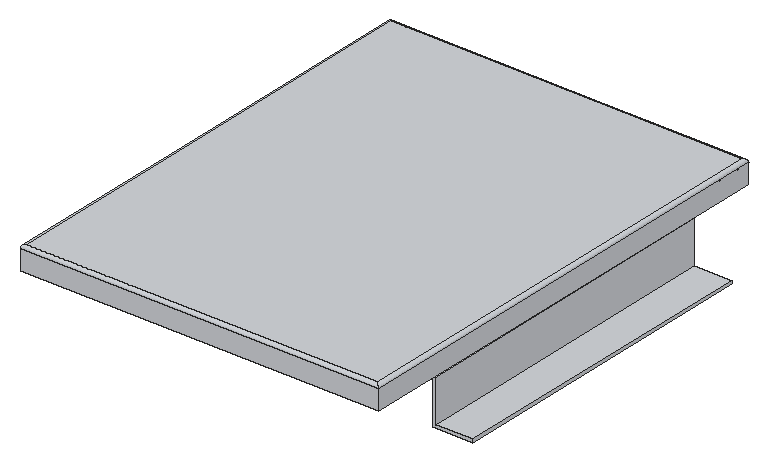
Revit family "Table-K_Series-KTI07", category Furniture, Revit 2017
Family settings
  OmniClass Number = 23.40.20.00
  OmniClass Title = General Furniture and Specialties
  Work Plane-Based = No
  Always vertical = Yes
  Cut with Voids When Loaded = No
  Shared = No
  Room Calculation Point = No
Parameters (values of type "Intervening Table")
  Width = 15.50"  # constant formula
  URL = "https://www.la-z-boy.com/"
  Product Documentation Link = "URL"
  Model = "KTI07"
  Manufacturer = "LaZBoy"
  Height = 15.00"  # constant formula
  Description = "Intervening Ganging Table"
  Depth = 20.00"  # constant formula
  Copyright © = "Inc"
  Table Top Material [instance] = none
  Assembly Code = "E2020200"
Reference planes (in)
  plane 1 "Center (Front/Back)": y = 0
  plane 2: z = 0
  plane 3 "Center (Left/Right)": x = 0
  plane 4: y = -10
  plane 5: x = 7.75
  plane 6: x = -7.75
  plane 7: y = 10
  plane 8: z = 15
  plane 9: z = 14
Forms (in)
  Extrusion 1, solid, material <- "Table Top Material"
    sketch origin (0, 0, 0) x (1, 0, 0) y (0, 1, 0)
      loop
        line (-7.75, 10) -> (-7.75, -10) -> (7.75, -10) -> (7.75, 10) -> (-7.75, 10)
    from 14 to 15
  Sweep 2, void
    path in 3D
      loop
        line (7.75, 10, 15) -> (-7.75, 10, 15) -> (-7.75, -10, 15) -> (7.75, -10, 15) -> (7.75, 10, 15)
    profile origin (7.75, 0, 15) x (-1, 0, 0) y (0, 0, 1)
      loop
        line (0.15, 0) -> (0, 0) -> (0, -0.15)
        arc (0, -0.15) -> (0.04393, -0.04393) -> (0.15, 0) r 0.15
  Extrusion 3, solid
    sketch origin (0, 0, 0) x (1, 0, 0) y (0, 0, 1)
      loop
        line (7.8125, 14) -> (5.9685, 14) -> (5.9685, 13.875) -> (7.6875, 13.875) -> (7.6875, 12.0586) -> (9.4375, 12.0586) -> (9.4375, 12.1836) -> (7.8125, 12.1836) -> (7.8125, 14)
      loop
        line (-7.8125, 14) -> (-7.8125, 12.1836) -> (-9.4375, 12.1836) -> (-9.4375, 12.0586) -> (-7.6875, 12.0586) -> (-7.6875, 13.875) -> (-5.9685, 13.875) -> (-5.9685, 14) -> (-7.8125, 14)
    from -7 to 7
Cuts and joins
  Sweep 2 cuts Extrusion 1
Lines and regions (in)
  Masking region 1
    outline origin (0, 0, 0) x (1, 0, 0) y (0, 1, 0)
      loop
        arc (-7.55, 10) -> (-7.69142, 9.94142) -> (-7.75, 9.8) r 0.2
        line (-7.75, 9.8) -> (-7.75, 7) -> (-9.4375, 7) -> (-9.4375, -7) -> (-7.75, -7) -> (-7.75, -9.8)
        arc (-7.75, -9.8) -> (-7.69142, -9.94142) -> (-7.55, -10) r 0.2
        line (-7.55, -10) -> (7.55, -10)
        arc (7.55, -10) -> (7.69142, -9.94142) -> (7.75, -9.8) r 0.2
        line (7.75, -9.8) -> (7.75, -7) -> (9.4375, -7) -> (9.4375, 7) -> (7.75, 7) -> (7.75, 9.8)
        arc (7.75, 9.8) -> (7.69142, 9.94142) -> (7.55, 10) r 0.2
        line (7.55, 10) -> (-7.55, 10)
      loop
        spline (-8.7655, 4.63846) -> (-8.76071, 4.60211) -> (-8.74668, 4.56823) -> (-8.72435, 4.53913) -> (-8.69525, 4.51681) -> (-8.66136, 4.50278) -> (-8.625, 4.49799) -> (-8.58864, 4.50278) -> (-8.55475, 4.51681) -> (-8.52565, 4.53913) -> (-8.50332, 4.56823) -> (-8.48929, 4.60211) -> (-8.4845, 4.63846)
        line (-8.4845, 4.63846) -> (-8.4845, 5.35732)
        spline (-8.4845, 5.35732) -> (-8.48929, 5.39367) -> (-8.50332, 5.42755) -> (-8.52565, 5.45664) -> (-8.55475, 5.47897) -> (-8.58864, 5.493) -> (-8.625, 5.49779) -> (-8.66136, 5.493) -> (-8.69525, 5.47897) -> (-8.72435, 5.45664) -> (-8.74668, 5.42755) -> (-8.76071, 5.39367) -> (-8.7655, 5.35732)
        line (-8.7655, 5.35732) -> (-8.7655, 4.63846)
      loop
        spline (-8.7655, 2.13897) -> (-8.76071, 2.10261) -> (-8.74668, 2.06873) -> (-8.72435, 2.03964) -> (-8.69525, 2.01732) -> (-8.66136, 2.00328) -> (-8.625, 1.9985) -> (-8.58864, 2.00328) -> (-8.55475, 2.01732) -> (-8.52565, 2.03964) -> (-8.50332, 2.06873) -> (-8.48929, 2.10261) -> (-8.4845, 2.13897)
        line (-8.4845, 2.13897) -> (-8.4845, 2.85782)
        spline (-8.4845, 2.85782) -> (-8.48929, 2.89418) -> (-8.50332, 2.92806) -> (-8.52565, 2.95715) -> (-8.55475, 2.97948) -> (-8.58864, 2.99351) -> (-8.625, 2.99829) -> (-8.66136, 2.99351) -> (-8.69525, 2.97948) -> (-8.72435, 2.95715) -> (-8.74668, 2.92806) -> (-8.76071, 2.89418) -> (-8.7655, 2.85782)
        line (-8.7655, 2.85782) -> (-8.7655, 2.13897)
      loop
        spline (-8.7655, -2.86002) -> (-8.76071, -2.89637) -> (-8.74668, -2.93025) -> (-8.72435, -2.95935) -> (-8.69525, -2.98167) -> (-8.66136, -2.9957) -> (-8.625, -3.00049) -> (-8.58864, -2.9957) -> (-8.55475, -2.98167) -> (-8.52565, -2.95935) -> (-8.50332, -2.93025) -> (-8.48929, -2.89637) -> (-8.4845, -2.86002)
        line (-8.4845, -2.86002) -> (-8.4845, -2.14116)
        spline (-8.4845, -2.14116) -> (-8.48929, -2.10481) -> (-8.50332, -2.07093) -> (-8.52565, -2.04184) -> (-8.55475, -2.01951) -> (-8.58864, -2.00548) -> (-8.625, -2.00069) -> (-8.66136, -2.00548) -> (-8.69525, -2.01951) -> (-8.72435, -2.04184) -> (-8.74668, -2.07093) -> (-8.76071, -2.10481) -> (-8.7655, -2.14116)
        line (-8.7655, -2.14116) -> (-8.7655, -2.86002)
      loop
        spline (-8.766, -5.35951) -> (-8.76121, -5.39587) -> (-8.74718, -5.42975) -> (-8.72485, -5.45884) -> (-8.69575, -5.48116) -> (-8.66186, -5.4952) -> (-8.6255, -5.49998) -> (-8.58914, -5.4952) -> (-8.55525, -5.48116) -> (-8.52615, -5.45884) -> (-8.50382, -5.42975) -> (-8.48979, -5.39587) -> (-8.485, -5.35951)
        line (-8.485, -5.35951) -> (-8.485, -4.64066)
        spline (-8.485, -4.64066) -> (-8.48979, -4.6043) -> (-8.50382, -4.57042) -> (-8.52615, -4.54133) -> (-8.55525, -4.519) -> (-8.58914, -4.50497) -> (-8.6255, -4.50019) -> (-8.66186, -4.50497) -> (-8.69575, -4.519) -> (-8.72485, -4.54133) -> (-8.74718, -4.57042) -> (-8.76121, -4.6043) -> (-8.766, -4.64066)
        line (-8.766, -4.64066) -> (-8.766, -5.35951)
      loop
        line (8.7655, 4.63846) -> (8.7655, 5.35732)
        spline (8.7655, 5.35732) -> (8.76071, 5.39367) -> (8.74668, 5.42755) -> (8.72435, 5.45664) -> (8.69525, 5.47897) -> (8.66136, 5.493) -> (8.625, 5.49779) -> (8.58864, 5.493) -> (8.55475, 5.47897) -> (8.52565, 5.45664) -> (8.50332, 5.42755) -> (8.48929, 5.39367) -> (8.4845, 5.35732)
        line (8.4845, 5.35732) -> (8.4845, 4.63846)
        spline (8.4845, 4.63846) -> (8.48929, 4.60211) -> (8.50332, 4.56823) -> (8.52565, 4.53913) -> (8.55475, 4.51681) -> (8.58864, 4.50278) -> (8.625, 4.49799) -> (8.66136, 4.50278) -> (8.69525, 4.51681) -> (8.72435, 4.53913) -> (8.74668, 4.56823) -> (8.76071, 4.60211) -> (8.7655, 4.63846)
      loop
        line (8.7655, 2.13897) -> (8.7655, 2.85782)
        spline (8.7655, 2.85782) -> (8.76071, 2.89418) -> (8.74668, 2.92806) -> (8.72435, 2.95715) -> (8.69525, 2.97948) -> (8.66136, 2.99351) -> (8.625, 2.99829) -> (8.58864, 2.99351) -> (8.55475, 2.97948) -> (8.52565, 2.95715) -> (8.50332, 2.92806) -> (8.48929, 2.89418) -> (8.4845, 2.85782)
        line (8.4845, 2.85782) -> (8.4845, 2.13897)
        spline (8.4845, 2.13897) -> (8.48929, 2.10261) -> (8.50332, 2.06873) -> (8.52565, 2.03964) -> (8.55475, 2.01732) -> (8.58864, 2.00328) -> (8.625, 1.9985) -> (8.66136, 2.00328) -> (8.69525, 2.01732) -> (8.72435, 2.03964) -> (8.74668, 2.06873) -> (8.76071, 2.10261) -> (8.7655, 2.13897)
      loop
        line (8.7655, -2.86002) -> (8.7655, -2.14116)
        spline (8.7655, -2.14116) -> (8.76071, -2.10481) -> (8.74668, -2.07093) -> (8.72435, -2.04184) -> (8.69525, -2.01951) -> (8.66136, -2.00548) -> (8.625, -2.00069) -> (8.58864, -2.00548) -> (8.55475, -2.01951) -> (8.52565, -2.04184) -> (8.50332, -2.07093) -> (8.48929, -2.10481) -> (8.4845, -2.14116)
        line (8.4845, -2.14116) -> (8.4845, -2.86002)
        spline (8.4845, -2.86002) -> (8.48929, -2.89637) -> (8.50332, -2.93025) -> (8.52565, -2.95935) -> (8.55475, -2.98167) -> (8.58864, -2.9957) -> (8.625, -3.00049) -> (8.66136, -2.9957) -> (8.69525, -2.98167) -> (8.72435, -2.95935) -> (8.74668, -2.93025) -> (8.76071, -2.89637) -> (8.7655, -2.86002)
      loop
        line (8.766, -5.35951) -> (8.766, -4.64066)
        spline (8.766, -4.64066) -> (8.76121, -4.6043) -> (8.74718, -4.57042) -> (8.72485, -4.54133) -> (8.69575, -4.519) -> (8.66186, -4.50497) -> (8.6255, -4.50019) -> (8.58914, -4.50497) -> (8.55525, -4.519) -> (8.52615, -4.54133) -> (8.50382, -4.57042) -> (8.48979, -4.6043) -> (8.485, -4.64066)
        line (8.485, -4.64066) -> (8.485, -5.35951)
        spline (8.485, -5.35951) -> (8.48979, -5.39587) -> (8.50382, -5.42975) -> (8.52615, -5.45884) -> (8.55525, -5.48116) -> (8.58914, -5.4952) -> (8.6255, -5.49998) -> (8.66186, -5.4952) -> (8.69575, -5.48116) -> (8.72485, -5.45884) -> (8.74718, -5.42975) -> (8.76121, -5.39587) -> (8.766, -5.35951)
  sketch lines
    curve 1: line (7.75, -10, 15) -> (7.75, 10, 15)
    curve 2: line (7.75, 10, 15) -> (-7.75, 10, 15)
    curve 3: line (-7.75, 10, 15) -> (-7.75, -10, 15)
    curve 4: line (-7.75, -10, 15) -> (7.75, -10, 15)
  symbolic lines, detail levels medium+fine
    curve 5: line (-7.75, 7, 0) -> (-7.75, -7, 0)
    curve 6: line (7.75, 7, 0) -> (7.75, -7, 0)
Dimensions and locks (in)
  equal spacing: plane 6, plane 3 "Center (Left/Right)", plane 5
  "Width": plane 6 to plane 5
  equal spacing: plane 7, plane 1 "Center (Front/Back)", plane 4
  "Depth": plane 4 to plane 7
  "Height": plane 8 to plane 2
  locked: plane 8 to plane 9 at 1
  equal spacing: Extrusion 3, plane 1 "Center (Front/Back)", Extrusion 3, locked at 7 each
  aligned and locked: level to plane 2
  aligned and locked: plane 3 "Center (Left/Right)" to nested 1
  aligned and locked: plane 1 "Center (Front/Back)" to nested 1
  aligned and locked: plane 5 to Extrusion 1 sketch curve
  aligned and locked: plane 6 to Extrusion 1 sketch curve
  aligned and locked: Extrusion 1 sketch curve to plane 7
  aligned and locked: Extrusion 1 sketch curve to plane 4
  aligned and locked: Extrusion 1 to plane 8
  aligned and locked: plane 9 to Extrusion 1
  aligned and locked: profile plane to Sweep 2 sketch curve  (x2)
  aligned and locked: Masking region 1 sketch curve to cut or joined group of Extrusion 1, Sweep 2  (x4)
  aligned and locked: curve 5 to plane 6
  aligned and locked: plane 5 to curve 6
Automatic sketch dimensions
  curve 5 to plane 4 = 3.00"
  curve 6 to plane 4 = 3.00"
  curve 6 to plane 7 = 3.00"
  curve 5 to plane 7 = 3.00"
  Sweep 2 sketch curve to profile plane = 0.00"  (x2)
  Sweep 2 sketch curve to profile plane = 0.15"
  Sweep 2 sketch curve to Sweep 2 sketch curve = 0.00"  (x2)
  Masking region 1 sketch curve to plane 6 = 0.00"
  Masking region 1 sketch curve to plane 5 = 0.00"
  Masking region 1 sketch curve to plane 6 = 0.7345"  (x3)
  Masking region 1 sketch curve to plane 6 = 0.735"
  Masking region 1 sketch curve to Masking region 1 sketch curve = 0.281"  (x8)
  Masking region 1 sketch curve to plane 6 = 1.6875"
  Masking region 1 sketch curve to Masking region 1 sketch curve = 0.20"  (x2)
  Masking region 1 sketch curve to plane 4 = 0.20"
  plane 5 to Masking region 1 sketch curve = 0.20"
  Masking region 1 sketch curve to plane 5 = 0.7345"  (x3)
  Masking region 1 sketch curve to plane 5 = 0.735"
  Masking region 1 sketch curve to Masking region 1 sketch curve = 1.6875"
  Masking region 1 sketch curve to plane 4 = 3.00"
  Masking region 1 sketch curve to Masking region 1 sketch curve = 2.80"
  Masking region 1 sketch curve to Masking region 1 sketch curve = 1.64049"  (x2)
  Masking region 1 sketch curve to Masking region 1 sketch curve = 0.71885"  (x8)
  Masking region 1 sketch curve to Masking region 1 sketch curve = 1.78064"  (x4)
  Masking region 1 sketch curve to plane 1 "Center (Front/Back)" = 2.13897"  (x2)
  Masking region 1 sketch curve to Masking region 1 sketch curve = 1.64268"  (x2)
  Extrusion 3 sketch curve to plane 9 = 0.00"  (x2)
  Extrusion 3 sketch curve to plane 6 = 1.6875"
  Extrusion 3 sketch curve to plane 6 = 0.0625"
  plane 6 to Extrusion 3 sketch curve = 0.0625"
  plane 9 to Extrusion 3 sketch curve = 0.125"  (x2)
  Extrusion 3 sketch curve to Extrusion 3 sketch curve = 1.719"
  plane 5 to Extrusion 3 sketch curve = 1.7815"
  plane 5 to Extrusion 3 sketch curve = 0.0625"
  Extrusion 3 sketch curve to plane 5 = 0.0625"
  Extrusion 3 sketch curve to Extrusion 3 sketch curve = 1.625"
  Extrusion 3 sketch curve to Extrusion 3 sketch curve = 1.6914"
  plane 9 to Extrusion 3 sketch curve = 1.8164"
  Extrusion 3 sketch curve to Extrusion 3 sketch curve = 0.125"  (x2)
Nested families (in)
  nested 1: "Label 1-16" at (0, 0, 0), type "Center", detail levels fine
    with Offset (LR) 0.00"
Definition of nested family "Label 1-16"
  Parameters (values of type "Center")
    P_Width = 0.00"
    Text_Width = "Empty"
    Text_Height = "Empty"
    Text_Diameter = "Empty"
    Text_Depth = "Empty"
    Offset (LR) [instance] = 0.00"
    Model Name = "6961"
    P_Height = 0.00"
    Distance of Center (not Change) = 0.00"
    P_Diameter = 0.00"
    P_Depth = 0.00"
  Reference planes (in)
    plane 1: y = 0
    plane 2: x = 0
  Lines and regions (in)
    reference lines
      curve 1: line (-0.44359, 0, 0) -> (0.41085, 0, 0)
      curve 3: line (0, 0.32564, 0) -> (0, -0.40221, 0)
    reference lines, not visible
      curve 2: line (-0.44359, 0.09843, 0) -> (0.41085, 0.09843, 0)
      curve 4: line (0, 0.42407, 0) -> (0, -0.30379, 0)
  Text (in)
    label "Empty" at (0.00197, -0.0079, 0), shows "Model Name"
    label "Empty" at (0.00197, 0.09052, 0), shows "Model Name", not visible
  Dimensions and locks (in)
    "Distance of Center (not Change)": plane 1 to curve 1
    "Offset (LR)": curve 3 to plane 2
  Automatic sketch dimensions
    curve 1 to curve 3 = 0.44359"
    curve 3 to curve 1 = 0.41085"
    curve 3 to curve 1 = 0.40221"
    curve 1 to curve 3 = 0.32564"
    curve 2 to curve 4 = 0.44359"
    curve 4 to curve 2 = 0.41085"
    curve 4 to curve 2 = 0.40221"
    curve 2 to curve 4 = 0.32564"
